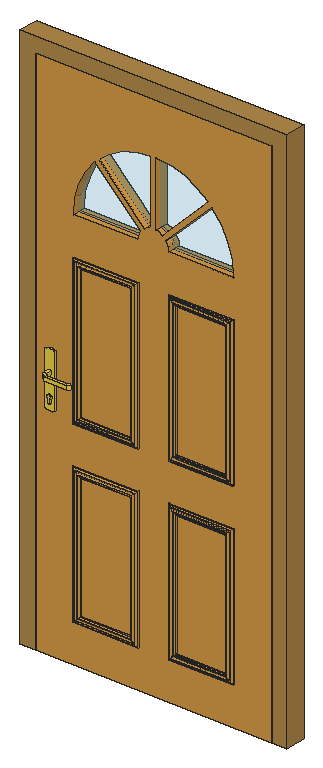
Revit family
Parameters (values of type "0.93m x 2.10m")
  Tiers Hauteur (Auto) = Height / 3 + Sys  # 700 mm
  Sys = 0 mm  # constant formula
  Prof. Feuillure = 70 mm
  Poignée = Porte d'entrée - Poignée
  Panneau = Porte d'entrée - Panneau
  Operation = "SingleSwingRight"
  Function = 1
  Dormants = Porte d'entrée - Cadre
  Larg. Feuillure = 50 mm
  Height = 2100 mm
  Wall Closure = (empty or 0)
  Width = 930 mm
  Thickness = 50 mm
  Elév. Poignée = 1000 mm
  Haut. Deco (Auto) = (Width - 300 mm) / 2 + Sys  # 315 mm
  Déc. Vitre (Auto) = (Thickness / 2) - 5 mm + Sys  # 20 mm
Reference planes
  plane 1: y = -10.255
  plane 2 "Centre (gauche/droite)": x = 0
  plane 3 "Gauche": x = -475
  plane 4 "Droite": x = 475
  plane 5: z = 2110
  plane 6 "Extérieur": y = 64.745
  plane 7 "Intérieur": y = -85.255
  plane 8: x = -465
  plane 9: x = 465
  plane 10: z = 700
  plane 11: x = -315
  plane 12: x = 315
  plane 13: z = 1000
  plane 14 "Vitrage": y = -65.255
  plane 15: z = 1585
  plane 16: z = 1900
  plane 17: z = 2100
  plane 18 "FM": y = -15.255
  plane 19: x = -450
  plane 20: x = 450
  plane 21: z = 1050
Forms (mm)
  Extrusion 1, void
    sketch origin (0, 0, 0) x (1, 0, 0) y (0, 1, 0)
      loop
        line (-475, 364.745) -> (-475, -385.255) -> (475, -385.255) -> (475, 364.745) -> (-475, 364.745)
    from 0 to 2110
  Sweep 2, void
    path in 3D
      loop
        line (-475, -85.255, 0) -> (-475, -85.255, 2110) -> (475, -85.255, 2110) -> (475, -85.255, 0)
    profile origin (0, 0, 1055) x (0, -1, 0) y (1, 0, 0)
      loop
        line (85.255, -525) -> (85.255, -475) -> (15.255, -475) -> (15.255, -525) -> (85.255, -525)
  Sweep 3, solid, material "Porte d'entrée - Cadre" <- "Dormants", detail levels coarse+medium
    path origin (0, -85.255, 0) x (1, 0, 0) y (0, 0, 1)
      loop
        line (-475, 0) -> (-475, 2110) -> (475, 2110) -> (475, 0)
    profile origin (0, 0, 1055) x (-1, 0, 0) y (0, -1, 0)
      loop
        line (525, 95.255) -> (465, 95.255) -> (465, 15.255) -> (525, 15.255) -> (525, 95.255)
  Sweep 4, solid, material "Porte d'entrée - Cadre" <- "Dormants", detail levels fine
    path origin (0, -85.255, 0) x (1, 0, 0) y (0, 0, 1)
      loop
        line (-475, 0) -> (-475, 2110) -> (475, 2110) -> (475, 0)
    profile origin (0, 0, 1055) x (-1, 0, 0) y (0, -1, 0)
      loop
        line (525, 95.255) -> (465, 95.255) -> (465, 45.255) -> (450, 45.255) -> (450, 15.255) -> (525, 15.255) -> (525, 95.255)
  Extrusion 5, solid, material "Porte d'entrée - Panneau" <- "Panneau", detail levels coarse
    sketch origin (-450, -45.255, 0) x (0, 0, 1) y (-1, 0, 0)
      loop
        line (0, 15) -> (0, -915) -> (2100, -915) -> (2100, 15) -> (0, 15)
    from 0 to 50 <- "Thickness"
  Extrusion 6, solid, material "Porte d'entrée - Panneau" <- "Panneau", detail levels medium+fine
    sketch origin (-450, -45.255, 0) x (0, 0, 1) y (-1, 0, 0)
      loop
        line (0, 15) -> (0, -915) -> (2100, -915) -> (2100, 15) -> (0, 15)
      loop
        line (1585, -135) -> (1585, -390)
        arc (1585, -390) -> (1603.245, -392.841) -> (1619.762, -401.096) r 60
        line (1619.762, -401.096) -> (1800.555, -220.303)
        arc (1800.555, -220.303) -> (1700.91, -157.101) -> (1585, -135) r 315
      loop
        line (1585, -510) -> (1585, -765)
        arc (1585, -765) -> (1700.91, -742.899) -> (1800.555, -679.697) r 315
        line (1800.555, -679.697) -> (1619.762, -498.904)
        arc (1619.762, -498.904) -> (1603.245, -507.159) -> (1585, -510) r 60
      loop
        line (1644.161, -440) -> (1899.818, -440)
        arc (1899.818, -440) -> (1876.001, -329.464) -> (1814.681, -234.461) r 314.977
        line (1814.681, -234.461) -> (1633.904, -415.238)
        arc (1633.904, -415.238) -> (1640.433, -427.039) -> (1644.161, -440) r 60
      loop
        arc (1644.161, -460) -> (1640.433, -472.961) -> (1633.904, -484.762) r 60
        line (1633.904, -484.762) -> (1814.681, -665.539)
        arc (1814.681, -665.539) -> (1876.001, -570.536) -> (1899.818, -460) r 314.977
        line (1899.818, -460) -> (1644.161, -460)
    from 0 to 50 <- "Thickness"
  Extrusion 7, solid, detail levels medium+fine
    sketch origin (0, -65.255, 0) x (1, 0, 0) y (0, 0, 1)
      loop
        line (-315, 1585) -> (-60, 1585)
        arc (-60, 1585) -> (-57.159, 1603.245) -> (-48.904, 1619.762) r 60
        line (-48.904, 1619.762) -> (-229.697, 1800.555)
        arc (-229.697, 1800.555) -> (-292.899, 1700.91) -> (-315, 1585) r 315
      loop
        line (-215.539, 1814.681) -> (-34.762, 1633.904)
        arc (-34.762, 1633.904) -> (-22.961, 1640.433) -> (-10, 1644.161) r 60
        line (-10, 1644.161) -> (-10, 1899.818)
        arc (-10, 1899.818) -> (-120.536, 1876.001) -> (-215.539, 1814.681) r 314.977
      loop
        line (34.762, 1633.904) -> (215.539, 1814.681)
        arc (215.539, 1814.681) -> (120.536, 1876.001) -> (10, 1899.818) r 314.977
        line (10, 1899.818) -> (10, 1644.161)
        arc (10, 1644.161) -> (22.961, 1640.433) -> (34.762, 1633.904) r 60
      loop
        line (229.697, 1800.555) -> (48.904, 1619.762)
        arc (48.904, 1619.762) -> (57.159, 1603.245) -> (60, 1585) r 60
        line (60, 1585) -> (315, 1585)
        arc (315, 1585) -> (292.899, 1700.91) -> (229.697, 1800.555) r 315
    from 0 to 10
  Sweep 8, solid, material "Porte d'entrée - Panneau" <- "Panneau", detail levels fine
    path origin (-450, -95.255, 0) x (0, 0, 1) y (-1, 0, 0)
      loop
        line (150, -135) -> (150, -390) -> (700, -390) -> (700, -135) -> (150, -135)
    profile "Déco porte 1 : Déco porte 1" origin (-187.5, -95.255, 150) x (0, 0, 1) y (0, -1, 0)
      loop
        line (0, 0) -> (30, 0) -> (30, 2) -> (28.035, 2) -> (22.977, 7) -> (20, 7)
        arc (20, 7) -> (15, 5) -> (10, 7) r 7.25
        line (10, 7) -> (7.091, 7) -> (2.148, 2) -> (0, 2) -> (0, 0)
  Sweep 9, solid, material "Porte d'entrée - Panneau" <- "Panneau", detail levels fine
    path origin (-450, -95.255, 0) x (0, 0, 1) y (-1, 0, 0)
      loop
        line (850, -135) -> (850, -390) -> (1435, -390) -> (1435, -135) -> (850, -135)
    profile "Déco porte 1 : Déco porte 1" origin (-187.5, -95.255, 850) x (0, 0, 1) y (0, -1, 0)
      loop
        line (0, 0) -> (30, 0) -> (30, 2) -> (28.035, 2) -> (22.977, 7) -> (20, 7)
        arc (20, 7) -> (15, 5) -> (10, 7) r 7.25
        line (10, 7) -> (7.091, 7) -> (2.148, 2) -> (0, 2) -> (0, 0)
  Sweep 10, solid, material "Porte d'entrée - Panneau" <- "Panneau", detail levels fine
    path origin (-450, -95.255, 0) x (0, 0, 1) y (-1, 0, 0)
      loop
        line (850, -510) -> (850, -765) -> (1435, -765) -> (1435, -510) -> (850, -510)
    profile "Déco porte 1 : Déco porte 1" origin (187.5, -95.255, 850) x (0, 0, 1) y (0, -1, 0)
      loop
        line (0, 0) -> (30, 0) -> (30, 2) -> (28.035, 2) -> (22.977, 7) -> (20, 7)
        arc (20, 7) -> (15, 5) -> (10, 7) r 7.25
        line (10, 7) -> (7.091, 7) -> (2.148, 2) -> (0, 2) -> (0, 0)
  Sweep 11, solid, material "Porte d'entrée - Panneau" <- "Panneau", detail levels fine
    path origin (-450, -95.255, 0) x (0, 0, 1) y (-1, 0, 0)
      loop
        line (149.994, -510) -> (149.994, -765) -> (700, -765) -> (700, -510) -> (149.994, -510)
    profile "Déco porte 1 : Déco porte 1" origin (187.5, -95.255, 149.994) x (0, 0, 1) y (0, -1, 0)
      loop
        line (0, 0) -> (30, 0) -> (30, 2) -> (28.035, 2) -> (22.977, 7) -> (20, 7)
        arc (20, 7) -> (15, 5) -> (10, 7) r 7.25
        line (10, 7) -> (7.091, 7) -> (2.148, 2) -> (0, 2) -> (0, 0)
  Sweep 12, solid, material "Porte d'entrée - Panneau" <- "Panneau", detail levels fine
    path origin (-450, -45.255, 0) x (0, 0, 1) y (-1, 0, 0)
      loop
        line (150, -765) -> (700, -765) -> (700, -510) -> (150, -510) -> (150, -765)
    profile "Déco porte 1S : Déco porte 1S" origin (187.5, -45.255, 150) x (0, 0, -1) y (0, -1, 0)
      loop
        line (0, 0) -> (-30, 0) -> (-30, -2) -> (-28.035, -2) -> (-22.977, -7) -> (-20, -7)
        arc (-20, -7) -> (-15, -5) -> (-10, -7) r 7.25
        line (-10, -7) -> (-7.091, -7) -> (-2.148, -2) -> (0, -2) -> (0, 0)
  Sweep 13, solid, material "Porte d'entrée - Panneau" <- "Panneau", detail levels fine
    path origin (-450, -45.255, 0) x (0, 0, 1) y (-1, 0, 0)
      loop
        line (150, -390) -> (700, -390) -> (700, -135) -> (150, -135) -> (150, -390)
    profile "Déco porte 1S : Déco porte 1S" origin (-187.5, -45.255, 150) x (0, 0, -1) y (0, -1, 0)
      loop
        line (0, 0) -> (-30, 0) -> (-30, -2) -> (-28.035, -2) -> (-22.977, -7) -> (-20, -7)
        arc (-20, -7) -> (-15, -5) -> (-10, -7) r 7.25
        line (-10, -7) -> (-7.091, -7) -> (-2.148, -2) -> (0, -2) -> (0, 0)
  Sweep 14, solid, material "Porte d'entrée - Panneau" <- "Panneau", detail levels fine
    path origin (-450, -45.255, 0) x (0, 0, 1) y (-1, 0, 0)
      loop
        line (850, -765) -> (1435, -765) -> (1435, -510) -> (850, -510) -> (850, -765)
    profile "Déco porte 1S : Déco porte 1S" origin (187.5, -45.255, 850) x (0, 0, -1) y (0, -1, 0)
      loop
        line (0, 0) -> (-30, 0) -> (-30, -2) -> (-28.035, -2) -> (-22.977, -7) -> (-20, -7)
        arc (-20, -7) -> (-15, -5) -> (-10, -7) r 7.25
        line (-10, -7) -> (-7.091, -7) -> (-2.148, -2) -> (0, -2) -> (0, 0)
  Sweep 15, solid, material "Porte d'entrée - Panneau" <- "Panneau", detail levels fine
    path origin (-450, -45.255, 0) x (0, 0, 1) y (-1, 0, 0)
      loop
        line (850, -390) -> (1435, -390) -> (1435, -135) -> (850, -135) -> (850, -390)
    profile "Déco porte 1S : Déco porte 1S" origin (-187.5, -45.255, 850) x (0, 0, -1) y (0, -1, 0)
      loop
        line (0, 0) -> (-30, 0) -> (-30, -2) -> (-28.035, -2) -> (-22.977, -7) -> (-20, -7)
        arc (-20, -7) -> (-15, -5) -> (-10, -7) r 7.25
        line (-10, -7) -> (-7.091, -7) -> (-2.148, -2) -> (0, -2) -> (0, 0)
Lines and regions (mm)
  symbolic lines, style "Sens d'ouverture de l'élévation"
    curve 1: line (465, 0, 0) -> (-465, 0, 1050)
    curve 2: line (-465, 0, 1050) -> (465, 0, 2100)
  sketch lines
    curve 3: line (-475, -85.255, 0) -> (-475, -85.255, 2110)
    curve 4: line (-475, -85.255, 2110) -> (475, -85.255, 2110)
    curve 5: line (475, -85.255, 2110) -> (475, -85.255, 0)
  symbolic lines, style "Sens d'ouverture du plan", detail levels medium+fine
    curve 6: arc (-465, -95.255, 0) -> (-192.609, -752.864, 0) -> (465, -1025.255, 0) r 930
  symbolic lines, style "DoorsPanelProjection", detail levels fine
    curve 7: line (415, -95.255, 0) -> (465, -95.255, 0)
    curve 8: line (415, -1025.255, 0) -> (415, -95.255, 0)
    curve 9: line (465, -1025.255, 0) -> (415, -1025.255, 0)
  symbolic lines, style "DoorsPanelProjection"
    curve 10: line (465, -95.255, 0) -> (465, -1025.255, 0)
  symbolic lines, style "Sens d'ouverture du plan", detail levels coarse
    curve 11: line (-465, -95.255, 0) -> (465, -1025.255, 0)
Text (mm)
  text "Extérieur" at (-2295.016, 1099.543, 0), in view "Faible"
  text "Extérieur" at (0, 1615.38, 3698.081), in view "Gauche"
  text "Extérieur" at (0, 1036.032, 3874.932), in view "Droite"
  text "Extérieur" at (-2295.016, 1099.543, 0), in view "Moyen"
  text "Extérieur" at (-2295.016, 1099.543, 0), in view "Elevé"
Dimensions and locks
  equal spacing: plane 3 "Gauche", plane 2 "Centre (gauche/droite)", plane 4 "Droite"
  "Width": plane 8 to plane 9
  host wall to plane 5 = 2110 mm  (x2)
  locked: plane 6 "Extérieur" to host wall at 0
  locked: plane 7 "Intérieur" to host wall
  "Tiers Hauteur (Auto)": plane 10 to level
  locked: plane 8 to plane 11 at 150
  locked: plane 12 to plane 9 at 150
  "Elév. Poignée": plane 13 to level
  locked: plane 5 to plane 16 at 210
  "Haut. Deco (Auto)": plane 16 to plane 15
  locked: plane 3 "Gauche" to plane 8 at 10
  "Déc. Vitre (Auto)": plane 7 "Intérieur" to plane 14 "Vitrage"
  locked: plane 6 "Extérieur" to Extrusion 1 sketch curve at 300
  locked: Extrusion 1 sketch curve to plane 7 "Intérieur" at 300
  "Prof. Feuillure": plane 7 "Intérieur" to Sweep 2 sketch curve
  "Larg. Feuillure": Sweep 2 sketch curve to plane 3 "Gauche"
  locked: Sweep 3 sketch curve to plane 7 "Intérieur" at 10
  "Prof. Feuillure": plane 7 "Intérieur" to Sweep 3 sketch curve
  "Larg. Feuillure": Sweep 3 sketch curve to plane 3 "Gauche"
  "Larg. Feuillure": Sweep 4 sketch curve to plane 3 "Gauche"
  "Prof. Feuillure": plane 7 "Intérieur" to Sweep 4 sketch curve
  locked: Sweep 4 sketch curve to plane 7 "Intérieur" at 10
  "Thickness": Sweep 3 to Sweep 4 sketch curve
  locked: Extrusion 6 sketch curve to Extrusion 6 sketch curve at 20  (x3)
  locked: Sweep 8 sketch curve to host wall at 150
  locked: Sweep 9 sketch curve to plane 10 at 150
  locked: plane 15 to Sweep 9 sketch curve at 150
  locked: plane 15 to Sweep 10 sketch curve at 150
  locked: Sweep 10 sketch curve to plane 10 at 150
  locked: Sweep 11 sketch curve to host wall at 149.994
  locked: host wall to Sweep 12 sketch curve at 150
  locked: host wall to Sweep 13 sketch curve at 150
  locked: plane 10 to Sweep 14 sketch curve at 150
  locked: Sweep 14 sketch curve to plane 15 at 150
  locked: Sweep 15 sketch curve to plane 15 at 150
  locked: plane 10 to Sweep 15 sketch curve at 150
  "Thickness": curve 8 to curve 10
  locked: plane 5 to plane 17 at 10
  "Height": plane 17 to level
  locked: plane 9 to plane 4 "Droite" at 10
  "Prof. Feuillure": plane 7 "Intérieur" to plane 18 "FM"
  locked: plane 8 to plane 19 at 15
  locked: plane 20 to plane 9 at 15
  equal spacing: level, plane 21, plane 17
  radius of Extrusion 6 sketch curve = 60 mm  (x4)
  angle plane 15 to Extrusion 6 sketch curve = 135.00°
  angle Extrusion 6 sketch curve to Extrusion 6 sketch curve = 45.00°  (x2)
  angle Extrusion 6 sketch curve to plane 15 = 135.00°
  aligned and locked: plane 1 to host wall
  aligned and locked: Extrusion 1 sketch curve to plane 3 "Gauche"
  aligned and locked: plane 4 "Droite" to Extrusion 1 sketch curve
  aligned and locked: Sweep 2 sketch curve to plane 3 "Gauche"
  aligned and locked: Sweep 2 sketch curve to profile plane
  aligned and locked: Sweep 3 sketch curve to plane 3 "Gauche"
  aligned and locked: Sweep 3 sketch curve to plane 4 "Droite"
  aligned and locked: plane 5 to Sweep 3 sketch curve
  aligned and locked: Sweep 3 sketch curve to plane 8
  aligned and locked: Sweep 4 sketch curve to plane 3 "Gauche"
  aligned and locked: Sweep 4 sketch curve to plane 4 "Droite"
  aligned and locked: plane 5 to Sweep 4 sketch curve
  aligned and locked: plane 8 to Sweep 4 sketch curve
  aligned and locked: host wall to Extrusion 5 sketch curve
  aligned and locked: Extrusion 5 sketch curve to plane 8
  aligned and locked: Extrusion 5 sketch curve to plane 9
  aligned and locked: Extrusion 5 sketch curve to Sweep 4
  aligned and locked: Extrusion 6 sketch curve to plane 8
  aligned and locked: Extrusion 6 sketch curve to plane 9
  aligned and locked: host wall to Extrusion 6 sketch curve
  aligned and locked: Extrusion 6 sketch curve to Extrusion 5
  aligned and locked: plane 11 to Extrusion 6 sketch curve
  aligned and locked: plane 12 to Extrusion 6 sketch curve
  aligned and locked: plane 15 to Extrusion 6 sketch curve
  aligned and locked: Extrusion 7 sketch curve to Extrusion 6  (x14)
  aligned and locked: plane 11 to Sweep 8 sketch curve
  aligned and locked: Sweep 8 sketch curve to plane 10
  aligned and locked: Sweep 8 sketch curve to Extrusion 6
  aligned and locked: plane 11 to Sweep 9 sketch curve
  aligned and locked: Sweep 9 sketch curve to Extrusion 6
  aligned and locked: Sweep 10 sketch curve to plane 12
  aligned and locked: Extrusion 6 to Sweep 10 sketch curve
  aligned and locked: Sweep 11 sketch curve to plane 12
  aligned and locked: Sweep 11 sketch curve to plane 10
  aligned and locked: Extrusion 6 to Sweep 11 sketch curve
  aligned and locked: Sweep 12 sketch curve to plane 10
  aligned and locked: Sweep 12 sketch curve to plane 12
  aligned and locked: Sweep 12 sketch curve to Extrusion 6
  aligned and locked: Sweep 13 sketch curve to plane 10
  aligned and locked: plane 11 to Sweep 13 sketch curve
  aligned and locked: Extrusion 6 to Sweep 13 sketch curve
  aligned and locked: Sweep 14 sketch curve to plane 12
  aligned and locked: Sweep 14 sketch curve to Extrusion 6
  aligned and locked: plane 11 to Sweep 15 sketch curve
  aligned and locked: Extrusion 6 to Sweep 15 sketch curve
  aligned and locked: nested 1 to plane 8
  aligned and locked: nested 1 to Extrusion 6
  aligned and locked: Sweep 3 to curve 6
  aligned and locked: plane 9 to curve 10
  aligned and locked: Sweep 4 to curve 7
  aligned and locked: plane 8 to curve 11
  aligned and locked: Extrusion 1 to plane 5
  aligned and locked: Sweep 4 sketch curve to plane 19
  aligned and locked: plane 9 to curve 2
  aligned and locked: plane 17 to curve 2
  aligned and locked: level to curve 1
  aligned and locked: plane 9 to curve 1
  aligned and locked: plane 21 to curve 1
  aligned and locked: plane 8 to curve 2
Automatic sketch dimensions
  Sweep 3 sketch curve to level = 0 mm  (x2)
  Sweep 4 sketch curve to level = 0 mm  (x2)
  Extrusion 6 sketch curve to plane 15 = 0 mm  (x5)
  Extrusion 6 sketch curve to plane 2 "Centre (gauche/droite)" = 0 mm  (x8)
  Extrusion 6 sketch curve to Extrusion 6 sketch curve = 10.257 mm
  Extrusion 6 sketch curve to Extrusion 6 sketch curve = 0 mm
  Extrusion 6 sketch curve to plane 16 = 0.182 mm  (x2)
  Extrusion 6 sketch curve to Extrusion 6 sketch curve = 14.142 mm
Nested families
  nested 1: "Poignée Porte Entrée" at (-449.12, -24.973, 0), type "Poignée Porte Entrée", detail levels fine
Definition of nested family "Poignée Porte Entrée"
  Parameters (values of type "Poignée Porte Entrée")
    Mat. Poignée = Porte d'entrée - Poignée
    Ep. Panneau = 50 mm
    Elév. Poignée = 1000 mm
    Dec. Bord Porte = 60 mm
    Assembly Code = ""
  Reference planes
    plane 1 "Centre (avant/arrière)": y = -45.282
    plane 2: z = 0
    plane 3 "Centre (gauche/droite)": x = -15.88
    plane 4 "EP": z = 1000
    plane 5 "AR": y = -20.282
    plane 6 "AV": y = -70.282
    plane 7: x = 44.12
  Forms (mm)
    Extrusion 1, solid, material "Porte d'entrée - Poignée" <- "Mat. Poignée"
      sketch origin (0, -70.282, 0) x (1, 0, 0) y (0, 0, 1)
        loop
          line (24.12, 1080) -> (24.12, 870)
          arc (24.12, 870) -> (44.12, 864.641) -> (64.12, 870) r 40
          line (64.12, 870) -> (64.12, 1080)
          arc (64.12, 1080) -> (44.12, 1085.359) -> (24.12, 1080) r 40
      from 0 to 5
    Extrusion 2, solid, material "Porte d'entrée - Poignée" <- "Mat. Poignée"
      sketch origin (0, -20.282, 0) x (1, 0, 0) y (0, 0, 1)
        loop
          line (64.12, 870) -> (64.12, 1080)
          arc (64.12, 1080) -> (44.12, 1085.359) -> (24.12, 1080) r 40
          line (24.12, 1080) -> (24.12, 870)
          arc (24.12, 870) -> (44.12, 864.641) -> (64.12, 870) r 40
      from 0 to -5
    Sweep 3, solid, material "Porte d'entrée - Poignée" <- "Mat. Poignée"
      path origin (0, 0, 1000) x (0, -1, 0) y (1, 0, 0)
        loop
          line (75.282, 44.12) -> (100.447, 44.12) -> (115.31, 58.982) -> (115.31, 144.138) -> (108.239, 151.21)
      profile origin (0, -87.864, 0) x (1, 0, 0) y (0, 0, 1)
        loop
          arc (38.12, 993) -> (44.12, 992.121) -> (50.12, 993) r 20.924
          line (50.12, 993) -> (50.12, 1007)
          arc (50.12, 1007) -> (44.12, 1007.879) -> (38.12, 1007) r 20.924
          line (38.12, 1007) -> (38.12, 993)
    Sweep 4, solid, material "Porte d'entrée - Poignée" <- "Mat. Poignée"
      path origin (0, 0, 1000) x (0, -1, 0) y (1, 0, 0)
        loop
          line (15.282, 44.12) -> (-9.689, 44.12) -> (-24.689, 59.12) -> (-24.689, 144.166) -> (-17.618, 151.237)
      profile origin (0, -2.796, 0) x (-1, 0, 0) y (0, 0, 1)
        loop
          line (-50.12, 1007) -> (-50.12, 993)
          arc (-50.12, 993) -> (-44.12, 992.121) -> (-38.12, 993) r 20.924
          line (-38.12, 993) -> (-38.12, 1007)
          arc (-38.12, 1007) -> (-44.12, 1007.879) -> (-50.12, 1007) r 20.924
    Extrusion 5, solid, material "Porte d'entrée - Poignée" <- "Mat. Poignée"
      sketch origin (0, -75.282, 0) x (1, 0, 0) y (0, 0, 1)
        loop
          arc (49.12, 908.046) -> (44.12, 922.291) -> (39.12, 908.046) r 8
          line (39.12, 908.046) -> (39.12, 895)
          arc (39.12, 895) -> (44.12, 890) -> (49.12, 895) r 5
          line (49.12, 895) -> (49.12, 908.046)
      from 0 to 3
    Extrusion 6, solid, material "Porte d'entrée - Poignée" <- "Mat. Poignée"
      sketch origin (0, -15.282, 0) x (-1, 0, 0) y (0, 0, 1)
        loop
          line (-49.12, 908.046) -> (-49.12, 895)
          arc (-49.12, 895) -> (-44.12, 890) -> (-39.12, 895) r 5
          line (-39.12, 895) -> (-39.12, 908.046)
          arc (-39.12, 908.046) -> (-44.12, 922.291) -> (-49.12, 908.046) r 8
      from 0 to 5
  Dimensions and locks
    "Elév. Poignée": plane 4 "EP" to level
    equal spacing: plane 6 "AV", plane 1 "Centre (avant/arrière)", plane 5 "AR"
    "Ep. Panneau": plane 6 "AV" to plane 5 "AR"
    "Dec. Bord Porte": plane 7 to plane 3 "Centre (gauche/droite)"
    equal spacing: Extrusion 1 sketch curve, plane 7, Extrusion 1 sketch curve
    locked: Extrusion 1 sketch curve to Extrusion 1 sketch curve at 40
    equal spacing: Sweep 3 sketch curve, plane 7, Sweep 3 sketch curve
    aligned and locked: Extrusion 2 sketch curve to Extrusion 1  (x4)
    aligned and locked: Sweep 3 sketch curve to Extrusion 1
    aligned and locked: Sweep 4 sketch curve to Extrusion 2
    aligned and locked: Sweep 4 sketch curve to Sweep 3  (x4)
    aligned and locked: Extrusion 6 sketch curve to Extrusion 5  (x3)
    aligned: Extrusion 6 sketch curve to Extrusion 5
  Automatic sketch dimensions
    Extrusion 1 sketch curve to plane 7 = 0 mm
    plane 4 "EP" to Extrusion 1 sketch curve = 95.359 mm
    Extrusion 1 sketch curve to Extrusion 1 sketch curve = 34.641 mm  (x2)
    Extrusion 1 sketch curve to plane 4 "EP" = 80 mm
    Extrusion 1 sketch curve to Extrusion 1 sketch curve = 0 mm
    Sweep 3 sketch curve to profile plane = 0 mm
    profile plane to Sweep 3 sketch curve = 6 mm
    plane 4 "EP" to Sweep 3 sketch curve = 13.046 mm
    plane 4 "EP" to Sweep 3 sketch curve = 7 mm  (x2)
    Sweep 3 sketch curve to plane 4 "EP" = 7 mm
    Sweep 3 sketch curve to Sweep 3 sketch curve = 6.046 mm
    Sweep 3 sketch curve to plane 7 = 0 mm
    Sweep 3 sketch curve to Sweep 3 sketch curve = 25.166 mm
    plane 6 "AV" to Sweep 3 sketch curve = 37.957 mm
    Sweep 3 sketch curve to plane 7 = 14.862 mm
    Sweep 3 sketch curve to Sweep 3 sketch curve = 14.862 mm
    Sweep 3 sketch curve to Sweep 3 sketch curve = 85.156 mm
    Sweep 3 sketch curve to Sweep 3 sketch curve = 7.071 mm
    Sweep 4 sketch curve to plane 7 = 0 mm
    Sweep 4 sketch curve to Sweep 4 sketch curve = 24.97 mm
    Sweep 4 sketch curve to plane 5 "AR" = 37.899 mm
    Sweep 4 sketch curve to plane 7 = 15 mm
    Sweep 4 sketch curve to Sweep 4 sketch curve = 15 mm
    Sweep 4 sketch curve to Sweep 4 sketch curve = 85.046 mm
    Sweep 4 sketch curve to Sweep 4 sketch curve = 7.071 mm
    Extrusion 5 sketch curve to plane 7 = 0 mm  (x2)
    plane 7 to Extrusion 5 sketch curve = 5 mm
    plane 4 "EP" to Extrusion 5 sketch curve = 105 mm
    Extrusion 5 sketch curve to Extrusion 5 sketch curve = 13.046 mm
    Extrusion 5 sketch curve to Extrusion 5 sketch curve = 6.245 mm
